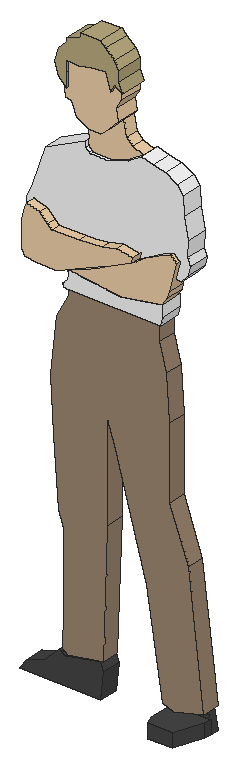
Revit family
Parameters (values of type "Man")
  Height = 0 mm
  Assembly Code = ""
Reference planes
  plane 1 "Center (Front/Back)": y = 0
  plane 2: z = 0
  plane 3 "Center (Left/Right)": x = -11.745
Forms (mm)
  Extrusion 1, solid, material "Fabric - Black"
    sketch origin (0, 0, 0) x (1, 0, 0) y (0, 0, 1)
      loop
        line (-170.179, 93.432) -> (-217.036, 46.575) -> (-268.308, 30.9) -> (-289.945, 0) -> (-50.007, 0) -> (-40.509, 77.354) -> (-49.059, 100.846) -> (-152.149, 80.807) -> (-170.179, 93.432)
    from 0 to 55.451
  Extrusion 2, solid, material "Fabric - Black"
    sketch origin (0, 0, 0) x (1, 0, 0) y (0, 0, 1)
      loop
        line (165.579, 42.301) -> (137.832, 0) -> (252.832, 0) -> (242.853, 63.007) -> (165.579, 42.301)
    from 0 to 25
  Extrusion 3, solid, material "Fabric - Light Brown"
    sketch origin (0, 0, 0) x (1, 0, 0) y (0, 0, 1)
      loop
        line (-150.171, 1053.301) -> (-150.171, 1037.845) -> (-183.358, 972.714) -> (-203.237, 810.811) -> (-192.218, 653.238) -> (-178.616, 458.713) -> (-163.225, 416.427) -> (-163.225, 191.427) -> (-166.731, 91.018) -> (-152.149, 80.807) -> (-45.674, 101.504) -> (-32.891, 467.571) -> (-32.891, 747.571) -> (-11.745, 689.475) -> (82.079, 348.864) -> (129.009, 52.557) -> (161.898, 40.587) -> (253.661, 65.175) -> (207.467, 441.396) -> (151.985, 593.832) -> (151.985, 806.285) -> (142.916, 935.968) -> (122.211, 1013.242) -> (122.211, 1053.301) -> (-150.171, 1053.301)
    from 0 to 50
  Extrusion 4, solid, material "Fabric - Black"
    sketch origin (0, 0, 0) x (1, 0, 0) y (0, 1, 0)
      loop
        line (137.832, -25) -> (137.832, -99.027) -> (149.299, -130.532) -> (223.885, -130.532) -> (252.832, -46.463) -> (252.832, -25) -> (137.832, -25)
    from 0 to 40.378
  Extrusion 5, solid, material "Fabric - Sandy Brown"
    sketch origin (0, 0, 0) x (1, 0, 0) y (0, 0, 1)
      loop
        line (-154.776, 1590.406) -> (-154.776, 1633.37) -> (-154.776, 1661.514) -> (-143.905, 1661.514) -> (-118.905, 1661.514) -> (-79.512, 1668.46) -> (-39.897, 1671.527) -> (-23.215, 1625.693) -> (-11.745, 1645.56) -> (11.001, 1632.427) -> (0.741, 1660.618) -> (0.741, 1690.618) -> (-13.599, 1711.097) -> (-38.348, 1735.846) -> (-52.49, 1749.988) -> (-112.49, 1749.988) -> (-112.49, 1738.692) -> (-154.776, 1723.301) -> (-154.776, 1713.301) -> (-179.199, 1688.878) -> (-190.138, 1648.053) -> (-177.385, 1613.014) -> (-154.776, 1590.406)
    from -28.135 to 50
  Extrusion 6, solid, material "Fabric - Pale Skin"
    sketch origin (-0.971, 0, 0) x (1, 0, 0) y (0, 0, 1)
      loop
        line (-154.776, 1661.514) -> (-154.776, 1633.37) -> (-154.776, 1590.406) -> (-166.08, 1601.71) -> (-159.134, 1562.318) -> (-142.465, 1557.851) -> (-125.56, 1521.599) -> (-90.919, 1501.599) -> (-55.754, 1501.599) -> (-28.942, 1524.096) -> (-0.658, 1552.381) -> (-6.644, 1586.329) -> (8.356, 1612.31) -> (8.356, 1633.954) -> (-11.745, 1645.56) -> (-23.215, 1625.693) -> (-39.868, 1671.446) -> (-80.353, 1668.312) -> (-118.905, 1661.514) -> (-154.776, 1661.514)
    from -18.025 to 46.653
  Extrusion 7, solid, material "Fabric - Pale Skin"
    sketch origin (-1.914, 0, 0.696) x (1, 0, 0) y (0, 0, 1)
      loop
        line (-113.982, 1515.323) -> (-103.364, 1486.151) -> (-99.343, 1463.346) -> (-106.463, 1456.226) -> (-104.196, 1443.372) -> (-92.036, 1431.211) -> (-37.036, 1431.211) -> (19.346, 1451.732) -> (57.899, 1475.08) -> (27.272, 1489.362) -> (9.594, 1507.039) -> (-0.98, 1549.448) -> (-26.317, 1524.111) -> (-53.254, 1501.394) -> (-89.855, 1501.394) -> (-113.982, 1515.323)
    from -8.702 to 30
  Extrusion 8, solid, material "Fabric - Pale Skin"
    sketch origin (0, 0, 0) x (1, 0, 0) y (0, 0, 1)
      loop
        line (-261.154, 1253.706) -> (-268.295, 1238.84) -> (-274.373, 1204.372) -> (-274.373, 1129.564) -> (-266.22, 1111.301) -> (-232.88, 1105.423) -> (-177.88, 1105.423) -> (-148.715, 1113.237) -> (-84.796, 1141.773) -> (-11.745, 1174.386) -> (51.397, 1202.575) -> (55.279, 1217.064) -> (6.039, 1225.746) -> (-37.428, 1214.099) -> (-107.161, 1207.998) -> (-187.161, 1207.998) -> (-197.768, 1218.605) -> (-222.517, 1243.354) -> (-261.154, 1253.706)
    from -32.188 to 65.92
  Extrusion 9, solid, material "Fabric - Pale Skin"
    sketch origin (0, 0, 0) x (1, 0, 0) y (0, 0, 1)
      loop
        line (154.367, 1252.939) -> (121.904, 1239.962) -> (81.809, 1219.532) -> (50.538, 1199.992) -> (6.935, 1177.776) -> (-54.007, 1146.724) -> (-108.386, 1121.367) -> (-148.909, 1107.413) -> (-78.382, 1100.001) -> (6.152, 1091.116) -> (84.937, 1105.008) -> (129.253, 1112.822) -> (145.427, 1135.92) -> (150.045, 1153.158) -> (172.045, 1235.261) -> (154.367, 1252.939)
    from 0 to 50
  Extrusion 10, solid, material "Fabric - White"
    sketch origin (0, 0, 0) x (1, 0, 0) y (0, 0, 1)
      loop
        line (-148.909, 1107.413) -> (-152.255, 1107.765) -> (-148.797, 1094.856) -> (-151.915, 1078.815) -> (-167.354, 1067.118) -> (-164.519, 1056.537) -> (-147.871, 1053.301) -> (-111.765, 1053.301) -> (-11.765, 1053.301) -> (100.351, 1053.301) -> (123.082, 1053.301) -> (129.253, 1077.822) -> (129.253, 1112.822) -> (81.179, 1104.345) -> (6.152, 1091.116) -> (-80.273, 1100.199) -> (-148.909, 1107.413)
    from -14.935 to 50
  Extrusion 11, solid, material "Fabric - White"
    sketch origin (0, 0, 0) x (1, 0, 0) y (0, 0, 1)
      loop
        line (58.221, 1476.81) -> (17.008, 1451.852) -> (-38.64, 1431.597) -> (-93.64, 1431.597) -> (-106.11, 1444.068) -> (-108.815, 1459.406) -> (-227.5, 1402.861) -> (-263.747, 1291.565) -> (-283.473, 1251.119) -> (-278.561, 1225.846) -> (-270.827, 1224.483) -> (-268.295, 1238.84) -> (-261.154, 1253.706) -> (-222.517, 1243.354) -> (-192.633, 1213.47) -> (-187.161, 1207.998) -> (-68.575, 1211.374) -> (-42.627, 1213.189) -> (6.143, 1225.764) -> (55.384, 1217.082) -> (50.975, 1200.63) -> (78.648, 1217.922) -> (120.787, 1239.393) -> (154.455, 1252.851) -> (172.045, 1235.261) -> (158.715, 1185.515) -> (177.613, 1184.193) -> (198.089, 1209.48) -> (204.56, 1233.628) -> (196.11, 1256.841) -> (199.226, 1301.39) -> (187.111, 1363.715) -> (183.428, 1416.38) -> (165.939, 1440.451) -> (129.988, 1457.986) -> (90.723, 1465.619) -> (58.221, 1476.81)
    from -21.11 to 38.591
Lines and regions (mm)
  sketch lines
    curve 1: line (-2000, 2000, 0) -> (2000, 2000, 0)
    curve 2: line (-2000, 2000, 0) -> (-2000, -2000, 0)
    curve 3: line (-2000, -2000, 0) -> (2000, -2000, 0)
    curve 4: line (2000, 2000, 0) -> (2000, -2000, 0)
